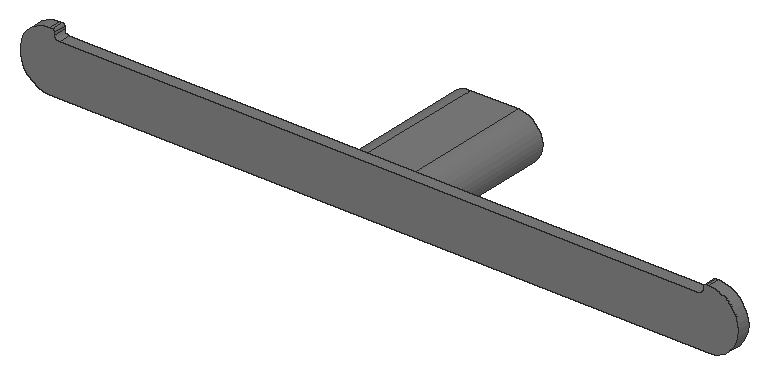
Revit family "RBA1631-622", category Plumbing Fixtures, Revit 2021
Family settings
  Round Connector Dimension = Use Diameter
  Part Type = Normal
  Work Plane-Based = No
  Always vertical = Yes
  Cut with Voids When Loaded = No
  Shared = Yes
  Room Calculation Point = No
Parameters
  Watermarked By = "www.rba.com.au"
  Waste Connection = yes
  Vent Connection = yes
  URL = ""
  Phone Number = "1300 788 778"
  Modified Issue = ""
  Model = "RBA1631-622"
  Materials and Finishes = Heavy Duty Brass, PVD Gunmetal Finish
  Manufacturer Model = ""
  Manufacturer = "RBA Group"  # constant formula
  HW Connection = yes
  Description = "ōken Double Toilet Roll Holder | PVD Gunmetal Finish"
  Default Elevation = 0 mm
  Copyright by = "RBA Group"  # constant formula
  CW Connection = yes
Reference planes
  plane 1 "Center (Front/Back)": y = 0
  plane 2: z = 0
  plane 3 "Center (Left/Right)": x = 0
  plane 4: x = 150
  plane 5: x = -150
Forms (mm)
  Extrusion 1, solid, material "Heavy Duty Brass, PVD Gunmetal Finish" <- "Materials and Finishes"
    sketch origin (0, 0, 0) x (1, 0, 0) y (0, 0, 1)
      loop
        arc (-137.5, 25) -> (-150, 12.5) -> (-137.5, 0) r 12.5
        line (-137.5, 0) -> (137.5, 0)
        arc (137.5, 0) -> (150, 12.5) -> (137.5, 25) r 12.5
        line (137.5, 25) -> (136.5, 25)
        arc (136.5, 25) -> (135.793, 24.707) -> (135.5, 24) r 1
        line (135.5, 24) -> (135.5, 23)
        arc (135.5, 23) -> (134.914, 21.586) -> (133.5, 21) r 2
        line (133.5, 21) -> (-133.5, 21)
        arc (-133.5, 21) -> (-134.914, 21.586) -> (-135.5, 23) r 2
        line (-135.5, 23) -> (-135.5, 24)
        arc (-135.5, 24) -> (-135.793, 24.707) -> (-136.5, 25) r 1
        line (-136.5, 25) -> (-137.5, 25)
    from 55 to 60
  Extrusion 2, solid, material "Heavy Duty Brass, PVD Gunmetal Finish" <- "Materials and Finishes"
    sketch origin (-1.5, 0, 0) x (1, 0, 0) y (0, 0, 1)
      loop
        arc (-8.5, 20) -> (-18.5, 10) -> (-8.5, 0) r 10
        line (-8.5, 0) -> (11.5, 0)
        arc (11.5, 0) -> (21.5, 10) -> (11.5, 20) r 10
        line (11.5, 20) -> (-8.5, 20)
    from 0 to 55
Dimensions and locks
  aligned and locked: plane 2 to level
